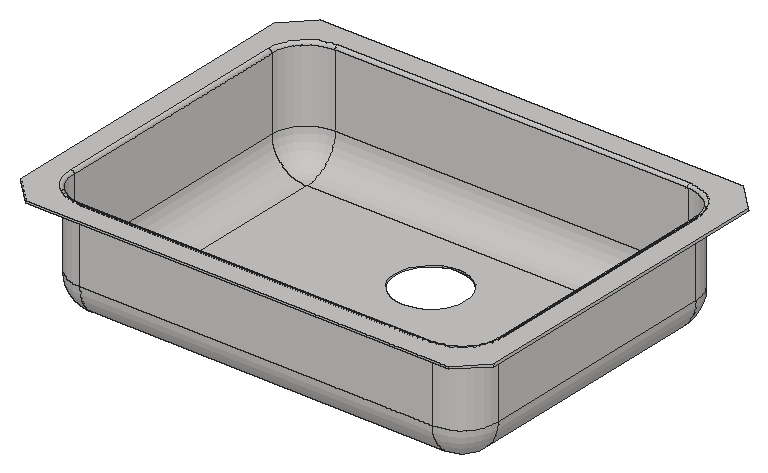
Revit family "Sink-Undermount-Acorn-SUADA-2116-45,55_Series", category Plumbing Fixtures, host Face, Revit 2019
Family settings
  Host = Face
  Round Connector Dimension = Use Diameter
  Part Type = Normal
  OmniClass Number = 23.45.05.14.14
  OmniClass Title = Sinks/Lavatories
  Cut with Voids When Loaded = No
  Shared = Yes
  Room Calculation Point = No
Parameters (values of type "SUADA-2116-55")
  cUPC Compliant = yes
  Width = 23 1/2"  # constant formula
  Waste Connection = no
  WFU = 4  # constant formula
  Vent Connection = no
  URL = "https://www.acorneng.com/home"
  Type Comments = ""
  Product Page URL = ""
  Product Documentation Link = ""
  Model = "SUADA-2116-55"
  Material = "Stainless Steel-Acorn-Satin"  # constant formula
  Manufacturer = "Acorn"
  Length = 18 1/4"  # constant formula
  Installation Type = "Wall Mounted"
  Height = 5 1/2"
  HWFU = 3  # constant formula
  HW Connection = no
  Finish = Stainless Steel-Acorn-Satin
  Drain Opening Size = 3 1/2"
  Description = "Stainless Steel Undermount Sink"
  Default Elevation = 34"
  Creation Date = "23/12/2023"  # constant formula
  Compliance Certifications = "ASME A112.19.3/CSA B45.4, IAPMO® Certified"
  CWFU = 3  # constant formula
  CW Connection = no
  Bowl Width = 21"  # constant formula
  Bowl Length = 15 3/4"  # constant formula
  Assembly Code = "D2010440"
  ADA Compliant = yes
Types (3): name | Model | Height
  (no name) | "SUADA-2116-55" | 5 1/2"
  SUADA-2116-55 | "SUADA-2116-55" | 5 1/2"
  SUADA-2116-45 | "SUADA-2116-45" | 4 1/2"
Reference planes (in)
  plane 1 "Center (Front/Back)": y = 0
  plane 2: z = 0
  plane 3 "Center (Left/Right)": x = 0
  plane 4: z = -5.5
  plane 5: z = 0
  plane 6: z = 0
  plane 7: z = 0
  plane 8: x = -11.75
  plane 9: x = 11.75
  plane 10: x = -10.5
  plane 11: x = 10.5
  plane 12: y = -18.25
  plane 13: y = -17
  plane 14: y = -1.25
  plane 15: y = -6.25
  plane 16: z = -5.4375
Forms (in)
  Extrusion 1, solid, material "Stainless Steel-Acorn-Satin" <- "Finish"
    sketch origin (-20.82594, 1.28976, -0.59717) x (1, 0, 0) y (0, 1, 0)
      loop
        circle (20.82594, -7.53976) r 1.75
      loop
        arc (12.07594, -4.22734) -> (12.03181, -4.24562) -> (12.01353, -4.28976) r 0.06242
        line (12.01353, -4.28976) -> (12.01353, -16.53976)
        arc (12.01353, -16.53976) -> (12.03181, -16.58389) -> (12.07594, -16.60218) r 0.06242
        line (12.07594, -16.60218) -> (29.57594, -16.60218)
        arc (29.57594, -16.60218) -> (29.62008, -16.58389) -> (29.63836, -16.53976) r 0.06242
        line (29.63836, -16.53976) -> (29.63836, -4.28976)
        arc (29.63836, -4.28976) -> (29.62008, -4.24562) -> (29.57594, -4.22734) r 0.06242
        line (29.57594, -4.22734) -> (12.07594, -4.22734)
    from -4.90283 to -4.84033
  Sweep 2, solid, material "Stainless Steel-Acorn-Satin" <- "Finish"
    path origin (-2.25, 0.4907, 0) x (1, 0, 0) y (0, 1, 0)
      loop
        line (-8.25, -3.4907) -> (-8.25, -15.7407)
        arc (-8.25, -15.7407) -> (-7.73744, -16.97814) -> (-6.5, -17.4907) r 1.75
        line (-6.5, -17.4907) -> (11, -17.4907)
        arc (11, -17.4907) -> (12.23744, -16.97814) -> (12.75, -15.7407) r 1.75
        line (12.75, -15.7407) -> (12.75, -3.4907)
        arc (12.75, -3.4907) -> (12.23744, -2.25326) -> (11, -1.7407) r 1.75
        line (11, -1.7407) -> (-6.5, -1.7407)
        arc (-6.5, -1.7407) -> (-7.73744, -2.25326) -> (-8.25, -3.4907) r 1.75
    profile origin (-10.5, -9.125, 0) x (1, 0, 0) y (0, 0, 1)
      loop
        line (-0.15271, 0) -> (-0.21339, 0) -> (-0.21339, -0.09698) -> (-0.11121, -0.09698)
        arc (-0.11121, -0.09698) -> (-0.07671, -0.11127) -> (-0.06242, -0.14578) r 0.0488
        line (-0.06242, -0.14578) -> (-0.06242, -3.75)
        arc (-0.06242, -3.75) -> (0.45015, -4.98744) -> (1.68758, -5.5) r 1.75
        line (1.68758, -5.5) -> (1.68758, -5.4375)
        arc (1.68758, -5.4375) -> (0.49434, -4.94324) -> (0.00008, -3.75) r 1.6875
        line (0.00008, -3.75) -> (0.00008, -0.15279)
        arc (0.00008, -0.15279) -> (-0.04467, -0.04475) -> (-0.15271, 0) r 0.15279
  Extrusion 3, solid, material "Stainless Steel-Acorn-Satin" <- "Finish"
    sketch origin (-2.25, 0.4907, -0.09698) x (1, 0, 0) y (0, 1, 0)
      loop
        line (-9.5, -1.7407) -> (-9.5, -17.4907) -> (-8.25, -18.7407) -> (12.75, -18.7407) -> (14, -17.4907) -> (14, -1.7407) -> (12.75, -0.4907) -> (-8.25, -0.4907) -> (-9.5, -1.7407)
      loop
        arc (-6.5, -1.52731) -> (-7.88833, -2.10238) -> (-8.46339, -3.4907) r 1.96339
        line (-8.46339, -3.4907) -> (-8.46339, -15.7407)
        arc (-8.46339, -15.7407) -> (-7.88833, -17.12903) -> (-6.5, -17.70409) r 1.96339
        line (-6.5, -17.70409) -> (11, -17.70409)
        arc (11, -17.70409) -> (12.38833, -17.12903) -> (12.96339, -15.7407) r 1.96339
        line (12.96339, -15.7407) -> (12.96339, -3.4907)
        arc (12.96339, -3.4907) -> (12.38833, -2.10238) -> (11, -1.52731) r 1.96339
        line (11, -1.52731) -> (-6.5, -1.52731)
    from 0 to 0.09698
  Extrusion 4, void
    sketch origin (-2.25, 0.2407, 0) x (1, 0, 0) y (0, 1, 0)
      loop
        line (-8.25, -0.2407) -> (-9.5, -1.4907) -> (-9.5, -17.2407) -> (-8.25, -18.4907) -> (12.75, -18.4907) -> (14, -17.2407) -> (14, -1.4907) -> (12.75, -0.2407) -> (-8.25, -0.2407)
    from -9.39189 to 0
Cuts and joins
  joined: Extrusion 1, Sweep 2, Extrusion 3
Dimensions and locks (in)
  host face to plane 4 = 5 1/2"
  "Width": plane 8 to plane 9
  plane 10 to plane 3 "Center (Left/Right)" = 10 1/2"
  "Bowl Width": plane 10 to plane 11
  "Length": plane 12 to plane 1 "Center (Front/Back)"
  plane 13 to plane 12 = 1 1/4"
  "Bowl Length": plane 14 to plane 13
  plane 14 to plane 15 = 5"
  "Height": host face to plane 4
  locked: plane 16 to plane 4 at 0.0625
  "Height": level to Sweep 2 sketch curve
  locked: Sweep 2 sketch curve to Sweep 2 sketch curve at 0.0625
  aligned and locked: host face to plane 2
  aligned and locked: host face to level
  aligned and locked: plane 15 to Extrusion 1 sketch curve
  aligned and locked: plane 3 "Center (Left/Right)" to Extrusion 1 sketch curve
  aligned and locked: Extrusion 3 sketch curve to cut or joined group of Extrusion 1, Sweep 2, Extrusion 3  (x4)
  aligned and locked: level to Extrusion 4
  aligned and locked: Extrusion 1 to plane 4
  aligned and locked: Extrusion 1 to plane 16
Automatic sketch dimensions
  host sketch curve to host sketch curve = 161.60125"
  host sketch curve to host sketch curve = 96"
  Sweep 2 sketch curve to plane 10 = 0"
  Sweep 2 sketch curve to plane 14 = 0"
  Sweep 2 sketch curve to plane 13 = 0"
  Sweep 2 sketch curve to plane 11 = 0"
  Sweep 2 sketch curve to Sweep 2 sketch curve = 1 3/4"
  plane 10 to Sweep 2 sketch curve = 1 3/4"
  plane 11 to Sweep 2 sketch curve = 1 3/4"  (x2)
  plane 10 to Extrusion 1 sketch curve = 1 3/4"
  Extrusion 1 sketch curve to Extrusion 1 sketch curve = 0.06242"  (x4)
  plane 13 to Extrusion 1 sketch curve = 1 3/4"
  Extrusion 1 sketch curve to plane 14 = 1 3/4"
  plane 11 to Extrusion 1 sketch curve = 1 3/4"
  Extrusion 4 sketch curve to plane 10 = 0"  (x2)
  Extrusion 4 sketch curve to plane 11 = 0"  (x2)
  plane 1 "Center (Front/Back)" to Extrusion 4 sketch curve = 0"
  Extrusion 4 sketch curve to plane 9 = 0"
  Extrusion 4 sketch curve to plane 12 = 0"
  Extrusion 4 sketch curve to plane 13 = 0"  (x2)
  Extrusion 4 sketch curve to plane 14 = 0"  (x2)
  Extrusion 4 sketch curve to plane 8 = 0"
  Extrusion 3 sketch curve to plane 8 = 0"
  Extrusion 3 sketch curve to plane 10 = 0"  (x2)
  plane 1 "Center (Front/Back)" to Extrusion 3 sketch curve = 0"
  Extrusion 3 sketch curve to plane 11 = 0"  (x2)
  Extrusion 3 sketch curve to plane 9 = 0"
  Extrusion 3 sketch curve to plane 12 = 0"
  Extrusion 3 sketch curve to plane 13 = 0"  (x2)
  Extrusion 3 sketch curve to plane 14 = 0"  (x2)
  plane 10 to Extrusion 3 sketch curve = 1 3/4"  (x2)
  plane 11 to Extrusion 3 sketch curve = 1 3/4"
  Extrusion 3 sketch curve to plane 14 = 1 3/4"
  Sweep 2 sketch curve to Sweep 2 sketch curve = 0"
  Sweep 2 sketch curve to profile plane = 0"
  profile plane to Sweep 2 sketch curve = 0.21339"
  Sweep 2 sketch curve to Sweep 2 sketch curve = 0.06068"
  Sweep 2 sketch curve to Sweep 2 sketch curve = 0.0415"
  Sweep 2 sketch curve to profile plane = 0.00008"
  Sweep 2 sketch curve to Sweep 2 sketch curve = 1 11/16"
  Sweep 2 sketch curve to Sweep 2 sketch curve = 0.00701"
  radius of Extrusion 1 sketch curve = 1 3/4"
